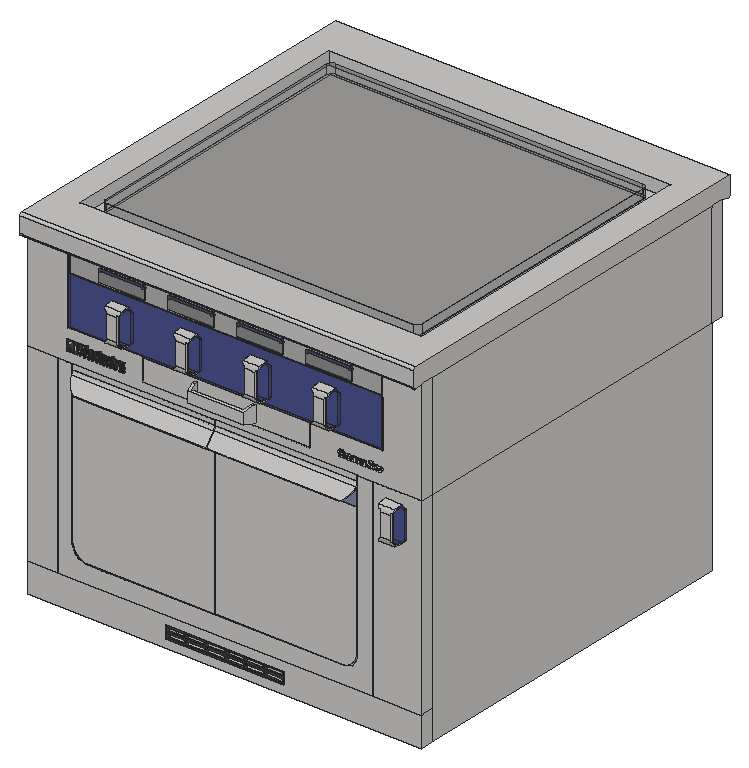
Revit family "QF_ELECTROLUXPROFESSIONAL_588460_MALQEAH4AO", category Attrezzature speciali, Revit 2020 (continued)
Definition of nested family "Front_Panel_W800_Four Knobs"
  Definition of nested family "ELX_Professional_Logo_Small"
    Forms (mm)
      Extrusion 2, solid, material <- "Material_Logo"
        sketch origin (15.5, 0, 0) x (1, 0, 0) y (0, 1, 0)
          loop
            spline (-4.441, -1.243) -> (-4.659, -1.247) -> (-4.894, -1.23) -> (-5.137, -1.19) -> (-5.384, -1.121) -> (-5.628, -1.021) -> (-5.864, -0.884) -> (-6.084, -0.708) -> (-6.283, -0.488) -> (-6.454, -0.219) -> (-6.592, 0.101) -> (-6.69, 0.478) -> (-6.742, 0.914)
            line (-6.742, 0.914) -> (-6.742, 4.587) -> (-4.487, 4.587) -> (-4.487, 6.838) -> (-6.738, 6.838) -> (-6.738, 10.824) -> (-9.217, 10.824) -> (-9.217, 0.773)
            spline (-9.217, 0.773) -> (-9.164, 0.19) -> (-9.068, -0.358) -> (-8.928, -0.87) -> (-8.742, -1.343) -> (-8.511, -1.777) -> (-8.232, -2.168) -> (-7.904, -2.515) -> (-7.527, -2.816) -> (-7.098, -3.069) -> (-6.618, -3.273) -> (-6.084, -3.426) -> (-5.496, -3.525)
            line (-5.496, -3.525) -> (-4.45, -3.573) -> (-4.441, -1.243)
          loop
            spline (3.898, 6.983) -> (3.469, 7.009) -> (3.056, 7.001) -> (2.661, 6.961) -> (2.283, 6.888) -> (1.925, 6.785) -> (1.588, 6.652) -> (1.272, 6.49) -> (0.979, 6.301) -> (0.71, 6.085) -> (0.465, 5.844) -> (0.247, 5.578) -> (0.056, 5.289)
            line (0.056, 5.289) -> (0.056, 6.838) -> (-2.402, 6.838) -> (-2.402, -3.572) -> (0.056, -3.572) -> (0.056, 1.901)
            spline (0.056, 1.901) -> (0.079, 2.316) -> (0.145, 2.703) -> (0.254, 3.06) -> (0.404, 3.386) -> (0.592, 3.679) -> (0.818, 3.938) -> (1.08, 4.162) -> (1.375, 4.348) -> (1.703, 4.495) -> (2.062, 4.602) -> (2.45, 4.668) -> (2.865, 4.69)
            line (2.865, 4.69) -> (3.898, 4.586) -> (3.898, 6.983)
          loop
            spline (15.638, 1.633) -> (15.586, 2.396) -> (15.435, 3.124) -> (15.192, 3.81) -> (14.863, 4.449) -> (14.455, 5.034) -> (13.975, 5.56) -> (13.43, 6.021) -> (12.826, 6.411) -> (12.17, 6.724) -> (11.469, 6.955) -> (10.729, 7.098) -> (9.958, 7.147)
            spline (9.958, 7.147) -> (9.182, 7.098) -> (8.44, 6.955) -> (7.737, 6.724) -> (7.081, 6.411) -> (6.477, 6.021) -> (5.933, 5.56) -> (5.454, 5.034) -> (5.048, 4.449) -> (4.721, 3.81) -> (4.479, 3.124) -> (4.329, 2.396) -> (4.277, 1.633)
            spline (4.277, 1.633) -> (4.329, 0.869) -> (4.479, 0.141) -> (4.721, -0.544) -> (5.048, -1.183) -> (5.454, -1.768) -> (5.933, -2.294) -> (6.477, -2.755) -> (7.081, -3.145) -> (7.737, -3.459) -> (8.44, -3.69) -> (9.182, -3.833) -> (9.958, -3.882)
            spline (9.958, -3.882) -> (10.729, -3.833) -> (11.469, -3.69) -> (12.17, -3.459) -> (12.826, -3.145) -> (13.43, -2.755) -> (13.975, -2.294) -> (14.455, -1.768) -> (14.863, -1.183) -> (15.192, -0.544) -> (15.435, 0.141) -> (15.586, 0.869) -> (15.638, 1.633)
          loop
            spline (13.18, 1.633) -> (13.151, 2.083) -> (13.067, 2.513) -> (12.932, 2.918) -> (12.748, 3.296) -> (12.52, 3.642) -> (12.251, 3.954) -> (11.943, 4.227) -> (11.601, 4.459) -> (11.228, 4.645) -> (10.828, 4.782) -> (10.403, 4.867) -> (9.958, 4.896)
            spline (9.958, 4.896) -> (9.509, 4.867) -> (9.081, 4.782) -> (8.679, 4.645) -> (8.306, 4.459) -> (7.964, 4.227) -> (7.658, 3.954) -> (7.39, 3.642) -> (7.163, 3.296) -> (6.981, 2.918) -> (6.847, 2.513) -> (6.765, 2.083) -> (6.736, 1.633)
            spline (6.736, 1.633) -> (6.765, 1.182) -> (6.847, 0.753) -> (6.981, 0.347) -> (7.163, -0.031) -> (7.39, -0.377) -> (7.658, -0.689) -> (7.964, -0.962) -> (8.306, -1.193) -> (8.679, -1.38) -> (9.081, -1.517) -> (9.509, -1.602) -> (9.958, -1.631)
            spline (9.958, -1.631) -> (10.403, -1.602) -> (10.828, -1.517) -> (11.228, -1.38) -> (11.601, -1.193) -> (11.943, -0.962) -> (12.251, -0.689) -> (12.52, -0.377) -> (12.748, -0.031) -> (12.932, 0.347) -> (13.067, 0.753) -> (13.151, 1.182) -> (13.18, 1.633)
          loop
            line (17.162, 4.269) -> (17.162, -3.573) -> (19.642, -3.573) -> (19.642, 10.824) -> (17.162, 10.824) -> (17.162, 4.269)
          loop
            line (28.581, 6.838) -> (28.581, 0.786)
            spline (28.581, 0.786) -> (28.561, 0.393) -> (28.503, 0.038) -> (28.409, -0.279) -> (28.281, -0.559) -> (28.122, -0.802) -> (27.933, -1.011) -> (27.717, -1.185) -> (27.476, -1.325) -> (27.213, -1.433) -> (26.929, -1.509) -> (26.626, -1.554) -> (26.308, -1.569)
            spline (26.308, -1.569) -> (25.99, -1.554) -> (25.688, -1.509) -> (25.404, -1.434) -> (25.141, -1.326) -> (24.9, -1.187) -> (24.684, -1.014) -> (24.496, -0.807) -> (24.336, -0.565) -> (24.209, -0.288) -> (24.115, 0.026) -> (24.057, 0.376) -> (24.037, 0.765)
            line (24.037, 0.765) -> (24.037, 6.838) -> (21.537, 6.838) -> (21.537, 0.558)
            spline (21.537, 0.558) -> (21.581, -0.153) -> (21.71, -0.8) -> (21.916, -1.384) -> (22.195, -1.904) -> (22.54, -2.362) -> (22.944, -2.757) -> (23.403, -3.09) -> (23.909, -3.362) -> (24.456, -3.572) -> (25.04, -3.722) -> (25.652, -3.811) -> (26.288, -3.841)
            spline (26.288, -3.841) -> (26.929, -3.811) -> (27.547, -3.72) -> (28.135, -3.568) -> (28.687, -3.355) -> (29.197, -3.079) -> (29.66, -2.741) -> (30.068, -2.341) -> (30.415, -1.877) -> (30.696, -1.349) -> (30.905, -0.757) -> (31.034, -0.101) -> (31.079, 0.621)
            line (31.079, 0.621) -> (31.079, 6.838) -> (28.581, 6.838)
          loop
            line (40.457, -0.243) -> (38.894, 1.942) -> (40.83, 4.579) -> (42.488, 6.837) -> (39.782, 6.837) -> (37.53, 3.719) -> (35.258, 6.837) -> (32.573, 6.837) -> (34.113, 4.731) -> (36.167, 1.922) -> (34.014, -1.076) -> (32.222, -3.573) -> (34.887, -3.573) -> (37.53, 0.104) -> (40.174, -3.573) -> (42.839, -3.573) -> (40.457, -0.243)
          loop
            line (-46.121, -5.837) -> (-48.039, -5.837) -> (-48.039, -10.814) -> (-47.016, -10.814) -> (-47.016, -9.128) -> (-46.121, -9.128)
            arc (-46.121, -9.128) -> (-44.476, -7.482) -> (-46.121, -5.837) r 1.645
          loop
            line (-46.163, -6.778) -> (-47.016, -6.778) -> (-47.016, -8.187) -> (-46.163, -8.187)
            arc (-46.163, -8.187) -> (-45.458, -7.482) -> (-46.163, -6.778) r 0.704
          loop
            line (-38.313, -5.837) -> (-40.265, -5.837) -> (-40.265, -10.814) -> (-39.241, -10.814) -> (-39.241, -9.1) -> (-38.46, -9.182) -> (-37.48, -10.814) -> (-36.318, -10.814) -> (-37.513, -8.848)
            arc (-37.513, -8.848) -> (-36.888, -8.266) -> (-36.671, -7.441) r 1.536
            arc (-36.671, -7.441) -> (-37.165, -6.305) -> (-38.313, -5.837) r 1.643
          loop
            arc (-38.402, -8.166) -> (-37.707, -7.505) -> (-38.334, -6.778) r 0.696
            line (-38.334, -6.778) -> (-39.241, -6.778) -> (-39.241, -8.166) -> (-38.402, -8.166)
          loop
            circle (-29.965, -8.325) r 2.585
          loop
            circle (-29.965, -8.325) r 1.64
          loop
            line (-23.1, -5.837) -> (-23.1, -10.814) -> (-22.076, -10.814) -> (-22.076, -8.768) -> (-20.204, -8.768) -> (-20.204, -7.828) -> (-22.076, -7.828) -> (-22.076, -6.778) -> (-20.024, -6.778) -> (-20.024, -5.837) -> (-23.1, -5.837)
          loop
            line (-15.802, -5.837) -> (-15.802, -9.2)
            arc (-15.802, -9.2) -> (-15.343, -10.34) -> (-14.209, -10.814) r 1.593
            line (-14.209, -10.814) -> (-12.602, -10.814) -> (-12.602, -10.027) -> (-14.004, -10.027)
            arc (-14.004, -10.027) -> (-14.552, -9.8) -> (-14.779, -9.252) r 0.775
            line (-14.779, -9.252) -> (-14.779, -8.424) -> (-12.789, -8.424) -> (-12.789, -7.642) -> (-14.779, -7.642) -> (-14.779, -6.778) -> (-12.651, -6.778) -> (-12.651, -5.837) -> (-15.802, -5.837)
          loop
            line (-5.909, -7.143) -> (-5.173, -6.638)
            arc (-5.173, -6.638) -> (-5.855, -5.974) -> (-6.781, -5.755) r 1.782
            arc (-6.781, -5.755) -> (-7.397, -5.878) -> (-7.944, -6.189) r 1.974
            arc (-7.944, -6.189) -> (-8.202, -6.5) -> (-8.317, -6.888) r 1.013
            arc (-8.317, -6.888) -> (-8.306, -7.341) -> (-8.192, -7.78) r 1.985
            arc (-8.192, -7.78) -> (-7.749, -8.259) -> (-7.171, -8.563) r 1.928
            arc (-7.171, -8.563) -> (-6.637, -8.779) -> (-6.131, -9.056) r 5.041
            arc (-6.131, -9.056) -> (-5.934, -9.387) -> (-6.09, -9.74) r 0.42
            arc (-6.09, -9.74) -> (-6.631, -9.96) -> (-7.204, -9.845) r 1.016
            arc (-7.204, -9.845) -> (-7.625, -9.603) -> (-7.889, -9.196) r 1.033
            line (-7.889, -9.196) -> (-8.67, -9.686)
            arc (-8.67, -9.686) -> (-8.361, -10.198) -> (-7.908, -10.589) r 1.914
            arc (-7.908, -10.589) -> (-7.334, -10.834) -> (-6.714, -10.896) r 2.063
            arc (-6.714, -10.896) -> (-5.947, -10.743) -> (-5.256, -10.376) r 2.696
            arc (-5.256, -10.376) -> (-4.95, -9.565) -> (-5.108, -8.712) r 1.618
            arc (-5.108, -8.712) -> (-5.448, -8.319) -> (-5.884, -8.035) r 1.876
            arc (-5.884, -8.035) -> (-6.434, -7.789) -> (-6.999, -7.577) r 9.883
            arc (-6.999, -7.577) -> (-7.325, -7.07) -> (-6.854, -6.694) r 0.45
            arc (-6.854, -6.694) -> (-6.329, -6.809) -> (-5.909, -7.143) r 1.197
          loop
            line (1.61, -7.143) -> (2.345, -6.638)
            arc (2.345, -6.638) -> (1.663, -5.974) -> (0.737, -5.755) r 1.782
            arc (0.737, -5.755) -> (0.121, -5.878) -> (-0.425, -6.189) r 1.974
            arc (-0.425, -6.189) -> (-0.683, -6.5) -> (-0.799, -6.888) r 1.013
            arc (-0.799, -6.888) -> (-0.788, -7.341) -> (-0.674, -7.78) r 1.985
            arc (-0.674, -7.78) -> (-0.231, -8.259) -> (0.347, -8.563) r 1.928
            arc (0.347, -8.563) -> (0.881, -8.779) -> (1.387, -9.056) r 5.041
            arc (1.387, -9.056) -> (1.584, -9.387) -> (1.428, -9.74) r 0.42
            arc (1.428, -9.74) -> (0.887, -9.96) -> (0.314, -9.845) r 1.016
            arc (0.314, -9.845) -> (-0.107, -9.603) -> (-0.371, -9.196) r 1.033
            line (-0.371, -9.196) -> (-1.152, -9.686)
            arc (-1.152, -9.686) -> (-0.842, -10.198) -> (-0.39, -10.589) r 1.914
            arc (-0.39, -10.589) -> (0.184, -10.834) -> (0.804, -10.896) r 2.063
            arc (0.804, -10.896) -> (1.572, -10.743) -> (2.263, -10.376) r 2.696
            arc (2.263, -10.376) -> (2.568, -9.565) -> (2.411, -8.712) r 1.618
            arc (2.411, -8.712) -> (2.07, -8.319) -> (1.635, -8.035) r 1.876
            arc (1.635, -8.035) -> (1.084, -7.789) -> (0.519, -7.577) r 9.883
            arc (0.519, -7.577) -> (0.193, -7.07) -> (0.665, -6.694) r 0.45
            arc (0.665, -6.694) -> (1.189, -6.809) -> (1.61, -7.143) r 1.197
          loop
            line (6.801, -5.837) -> (6.801, -10.814) -> (7.825, -10.814) -> (7.825, -5.837) -> (6.801, -5.837)
          loop
            circle (14.724, -8.325) r 1.548
          loop
            circle (14.724, -8.325) r 2.585
          loop
            line (21.59, -10.814) -> (22.623, -10.814) -> (22.623, -7.685) -> (24.9, -10.814) -> (25.895, -10.814) -> (25.895, -5.837) -> (24.861, -5.837) -> (24.861, -9.061) -> (22.585, -5.837) -> (21.59, -5.837) -> (21.59, -10.814)
          loop
            line (31.054, -10.814) -> (31.539, -9.74) -> (33.38, -9.74) -> (33.865, -10.814) -> (34.965, -10.814) -> (32.46, -5.837) -> (29.956, -10.814) -> (31.054, -10.814)
          loop
            line (32.46, -7.698) -> (31.999, -8.719) -> (32.921, -8.719) -> (32.46, -7.698)
          loop
            line (40.047, -9.873) -> (40.047, -5.837) -> (39.024, -5.837) -> (39.024, -10.814) -> (41.961, -10.814) -> (41.961, -9.873) -> (40.047, -9.873)
          loop
            line (-74.986, -10.814) -> (-53.322, -10.814) -> (-53.322, 10.82) -> (-74.986, 10.82) -> (-74.986, -10.814)
          loop
            line (-61.261, 9.758) -> (-61.261, -9.707)
            arc (-61.261, -9.707) -> (-54.066, 0.025) -> (-61.261, 9.758) r 10.18
          loop
            line (-62.251, 8.349) -> (-62.251, 9.758)
            arc (-62.251, 9.758) -> (-70.347, 7.918) -> (-74.247, 0.59) r 9.976
            line (-74.247, 0.59) -> (-71.026, 0.59)
            arc (-71.026, 0.59) -> (-65.274, 2.925) -> (-62.251, 8.349) r 9.351
          loop
            arc (-74.247, -0.539) -> (-70.353, -7.928) -> (-62.251, -9.957) r 10.237
            line (-62.251, -9.957) -> (-62.251, -8.298)
            arc (-62.251, -8.298) -> (-65.274, -2.874) -> (-71.026, -0.539) r 9.351
            line (-71.026, -0.539) -> (-74.247, -0.539)
        from 0 to 1.644
    Dimensions and locks
      aligned and locked: plane 2 to Extrusion 1
      aligned and locked: level to Extrusion 1
Definition of nested family "H450H2_2DOOR"
  Parameters
    Width [instance] = 580 mm
    Wdoor [instance] = Width / 2  # 290 mm
    Show Clearance [instance] = yes
    Model = "727995"
    Height = 450 mm
    Default Elevation = 0 mm
  Reference planes
    plane 1 "Center (Front/Back)": y = 0
    plane 2: z = 0
    plane 3 "Center (Left/Right)": x = 36.042
    plane 4 "panel": z = 25
    plane 5: x = -253.958
    plane 6: x = 326.042
    plane 7: y = 450
    plane 8: z = 290
    plane 9: z = 45
  Forms (mm)
    Extrusion 1, solid
      sketch origin (0, -919.2, 0) x (1, 0, 0) y (0, 1, 0)
        loop
          line (-980.5, 2119.2) -> (-980.5, -162.846) -> (881.94, -162.846) -> (881.94, 2119.2) -> (-980.5, 2119.2)
      from 0 to -59.546
    Extrusion 2, solid
      sketch origin (0, 0, 0) x (1, 0, 0) y (0, 1, 0)
        loop
          line (324.042, 393) -> (37.042, 393) -> (37.042, 97) -> (294.042, 97)
          arc (294.042, 97) -> (315.255, 105.787) -> (324.042, 127) r 30
          line (324.042, 127) -> (324.042, 393)
        loop
          arc (-251.958, 127) -> (-243.171, 105.787) -> (-221.958, 97) r 30
          line (-221.958, 97) -> (35.042, 97) -> (35.042, 393) -> (-251.958, 393) -> (-251.958, 127)
      from 0 to 25
    Extrusion 3, solid
      sketch origin (0, 0, 0) x (1, 0, 0) y (0, 1, 0)
        loop
          line (-251.958, 393) -> (35.042, 393) -> (35.042, 440) -> (-251.958, 440) -> (-251.958, 393)
        loop
          line (37.042, 440) -> (37.042, 393) -> (324.042, 393) -> (324.042, 440) -> (37.042, 440)
      from 0 to 25
    Extrusion 4, solid
      sketch origin (5.581, 79.805, 0) x (1, 0, 0) y (0, 1, 0)
        loop
          line (-257.539, 360.195) -> (29.461, 360.195) -> (29.461, 370.195) -> (-257.539, 370.195) -> (-257.539, 360.195)
        loop
          line (31.461, 370.195) -> (31.461, 360.195) -> (318.461, 360.195) -> (318.461, 370.195) -> (31.461, 370.195)
      from 0 to 25
    Extrusion 5, solid
      sketch origin (36.042, 0, 0) x (0, 1, 0) y (0, 0, 1)
        loop
          line (426.693, 25) -> (440.02, 25)
          arc (440.02, 25) -> (435.261, 25.775) -> (430.993, 28.02) r 15
          line (430.993, 28.02) -> (406.653, 46.362) -> (403.644, 42.369) -> (426.693, 25)
      from 1 to 288
    Extrusion 6, solid
      sketch origin (36.042, 0, 0) x (0, 1, 0) y (0, 0, 1)
        loop
          line (426.693, 25) -> (440.02, 25)
          arc (440.02, 25) -> (435.261, 25.775) -> (430.993, 28.02) r 15
          line (430.993, 28.02) -> (406.653, 46.362) -> (403.644, 42.369) -> (426.693, 25)
      from -288 to -1
    Extrusion 7, void
      sketch origin (0, 0, 0) x (1, 0, 0) y (0, 1, 0)
        loop
          arc (324.042, 426.693) -> (314.508, 412.772) -> (300.317, 403.644) r 42.603
          line (300.317, 403.644) -> (324.042, 403.644) -> (324.042, 426.693)
      from 0 to 47.9
    Extrusion 8, void
      sketch origin (72.084, 0, 0) x (-1, 0, 0) y (0, -1, 0)
        loop
          line (324.042, -426.693) -> (324.042, -403.644) -> (300.317, -403.644)
          arc (300.317, -403.644) -> (314.508, -412.772) -> (324.042, -426.693) r 42.603
      from 0 to 47.9
    Extrusion 9, solid, detail levels coarse
      sketch origin (0, 0, 0) x (1, 0, 0) y (0, 0, 1)
        loop
          arc (36.042, 25) -> (-41.575, 212.383) -> (-228.958, 290) r 265
          line (-228.958, 290) -> (-228.958, 25) -> (36.042, 25)
      from -450 to -97
    Extrusion 10, solid, detail levels coarse
      sketch origin (0, 0, 0) x (1, 0, 0) y (0, 0, 1)
        loop
          arc (301.042, 290) -> (113.659, 212.383) -> (36.042, 25) r 265
          line (36.042, 25) -> (301.042, 25) -> (301.042, 290)
      from -450 to -97
  Cuts and joins
    Extrusion 8 cuts Extrusion 6
    Extrusion 7 cuts Extrusion 5
  Lines and regions (mm)
    symbolic lines
      curve 1: line (326.042, 0, 45) -> (326.042, 0, 290)
      curve 2: line (301.042, 0, 45) -> (301.042, 0, 290)
      curve 3: line (326.042, 0, 290) -> (301.042, 0, 290)
      curve 4: line (-253.958, 0, 45) -> (-253.958, 0, 290)
      curve 5: line (-228.958, 0, 45) -> (-228.958, 0, 290)
      curve 6: line (-253.958, 0, 290) -> (-228.958, 0, 290)
      curve 7: arc (301.042, 0, 290) -> (120.901, 0, 219.356) -> (36.804, 0, 45.088) r 265
      curve 8: arc (35.286, 0, 44.997) -> (-48.783, 0, 219.325) -> (-228.958, 0, 290) r 265
  Dimensions and locks
    plane 4 "panel" to level = 25 mm
    "Width": plane 5 to plane 6
    equal spacing: plane 5, plane 3 "Center (Left/Right)", plane 6
    "Height": plane 1 "Center (Front/Back)" to plane 7
    locked: plane 5 to Extrusion 2 sketch curve at 2
    locked: Extrusion 2 sketch curve to plane 6 at 2
    locked: plane 1 "Center (Front/Back)" to Extrusion 2 sketch curve at 97
    locked: plane 7 to Extrusion 2 sketch curve at 57
    locked: Extrusion 2 sketch curve to plane 3 "Center (Left/Right)" at 1
    locked: plane 3 "Center (Left/Right)" to Extrusion 2 sketch curve at 1
    Extrusion 3 sketch curve to Extrusion 2 = 47 mm
    "Wdoor": plane 8 to level
    locked: curve 2 to curve 1 at 25
    locked: curve 5 to curve 4 at 25
    plane 4 "panel" to plane 9 = 20 mm
    aligned and locked: plane 2 to Extrusion 1
    aligned and locked: level to Extrusion 1
    aligned and locked: plane 4 "panel" to Extrusion 2
    aligned and locked: Extrusion 2 to Extrusion 3 sketch curve
    aligned and locked: Extrusion 3 sketch curve to Extrusion 2  (x2)
    aligned and locked: Extrusion 3 sketch curve to Extrusion 3 sketch curve
    aligned and locked: plane 4 "panel" to Extrusion 3
    aligned and locked: Extrusion 4 sketch curve to Extrusion 4 sketch curve
    aligned and locked: Extrusion 4 sketch curve to Extrusion 3  (x3)
    aligned and locked: Extrusion 3 to Extrusion 4 sketch curve
    aligned and locked: Extrusion 4 sketch curve to plane 7
    aligned and locked: Extrusion 3 to Extrusion 5
    aligned and locked: Extrusion 5 to Extrusion 3
    aligned and locked: Extrusion 6 to Extrusion 3
    aligned and locked: Extrusion 3 to Extrusion 6
    aligned and locked: Extrusion 7 sketch curve to Extrusion 5
    aligned and locked: Extrusion 8 to Extrusion 6
    aligned and locked: Extrusion 4 to Extrusion 8
    aligned and locked: Extrusion 2 to Extrusion 7
    aligned and locked: Extrusion 7 to Extrusion 5
    aligned and locked: Extrusion 4 to Extrusion 3  (x2)
    aligned and locked: Extrusion 3 to Extrusion 2
    aligned and locked: Extrusion 4 to Extrusion 2
    aligned and locked: curve 3 to plane 8
    aligned and locked: curve 1 to plane 6
    aligned and locked: curve 4 to plane 5
    aligned and locked: Extrusion 9 sketch curve to plane 4 "panel"
    aligned and locked: Extrusion 10 sketch curve to curve 7
    aligned and locked: Extrusion 10 sketch curve to curve 2
    aligned and locked: Extrusion 2 to Extrusion 9
    aligned and locked: Extrusion 2 to Extrusion 10
    aligned and locked: plane 7 to Extrusion 9
    aligned and locked: Extrusion 3 to Extrusion 4
  Automatic sketch dimensions
    Extrusion 1 sketch curve to Extrusion 1 sketch curve = 1862.44 mm
    Extrusion 1 sketch curve to Extrusion 1 sketch curve = 2282.046 mm
    Extrusion 2 sketch curve to Extrusion 2 sketch curve = 30 mm  (x2)
    Extrusion 2 sketch curve to plane 1 "Center (Front/Back)" = 97 mm
    Extrusion 2 sketch curve to Extrusion 2 sketch curve = 0 mm
    Extrusion 3 sketch curve to plane 3 "Center (Left/Right)" = 1 mm
    plane 5 to Extrusion 3 sketch curve = 2 mm
    Extrusion 3 sketch curve to Extrusion 3 sketch curve = 0 mm
    Extrusion 5 sketch curve to plane 4 "panel" = 0 mm
    plane 4 "panel" to Extrusion 5 sketch curve = 17.369 mm
    Extrusion 5 sketch curve to plane 7 = 46.356 mm
    plane 4 "panel" to Extrusion 5 sketch curve = 21.362 mm
    Extrusion 5 sketch curve to Extrusion 5 sketch curve = 3.009 mm
    plane 4 "panel" to Extrusion 5 sketch curve = 3.02 mm
    Extrusion 5 sketch curve to Extrusion 5 sketch curve = 9.027 mm
    Extrusion 6 sketch curve to plane 4 "panel" = 0 mm
    plane 4 "panel" to Extrusion 6 sketch curve = 17.369 mm
    Extrusion 6 sketch curve to plane 7 = 46.356 mm
    plane 4 "panel" to Extrusion 6 sketch curve = 21.362 mm
    Extrusion 6 sketch curve to Extrusion 6 sketch curve = 3.009 mm
    plane 4 "panel" to Extrusion 6 sketch curve = 3.02 mm
    Extrusion 6 sketch curve to Extrusion 6 sketch curve = 9.027 mm
    Extrusion 7 sketch curve to Extrusion 7 sketch curve = 23.725 mm
    Extrusion 7 sketch curve to plane 7 = 6.671 mm
    Extrusion 7 sketch curve to plane 6 = 41.221 mm
    Extrusion 7 sketch curve to plane 7 = 23.307 mm
    plane 7 to Extrusion 8 sketch curve = 6.671 mm
    Extrusion 8 sketch curve to plane 5 = 41.221 mm
    Extrusion 8 sketch curve to plane 5 = 25.725 mm
    Extrusion 8 sketch curve to plane 5 = 2 mm
    plane 7 to Extrusion 8 sketch curve = 23.307 mm
    Extrusion 4 sketch curve to Extrusion 4 sketch curve = 10 mm
    Extrusion 4 sketch curve to plane 7 = 10 mm
    curve 2 to plane 9 = 0 mm
    curve 5 to plane 9 = 0 mm
    curve 4 to plane 9 = 0 mm
    curve 1 to plane 9 = 0 mm
    curve 8 to plane 4 "panel" = 0 mm
    curve 5 to plane 8 = 0 mm
    curve 8 to plane 9 = 0.003 mm
    curve 7 to plane 4 "panel" = 0 mm
    plane 9 to curve 7 = 0.088 mm
Definition of nested family "Warm"
  Reference planes
    plane 1 "Center (Front/Back)": y = 0
    plane 2: z = 0
    plane 3 "Center (Left/Right)": x = 0
  Lines and regions (mm)
    detail lines, in view "Ref. Level"
      curve 1: circle (-165.742, 180.331, 0) r 45 normal (0, 0, 1)
      curve 2: line (-165.742, 125.331, 0) -> (-165.742, 80.331, 0)
      curve 3: line (-165.742, 235.331, 0) -> (-165.742, 280.331, 0)
      curve 4: line (-105.742, 180.331, 0) -> (-65.742, 180.331, 0)
      curve 5: line (-220.742, 180.331, 0) -> (-265.742, 180.331, 0)
      curve 6: line (-126.851, 141.44, 0) -> (-95.031, 109.62, 0)
      curve 7: line (-204.632, 219.221, 0) -> (-236.452, 251.041, 0)
      curve 8: line (-126.851, 219.221, 0) -> (-95.031, 251.041, 0)
      curve 9: line (-204.632, 141.44, 0) -> (-236.452, 109.62, 0)
